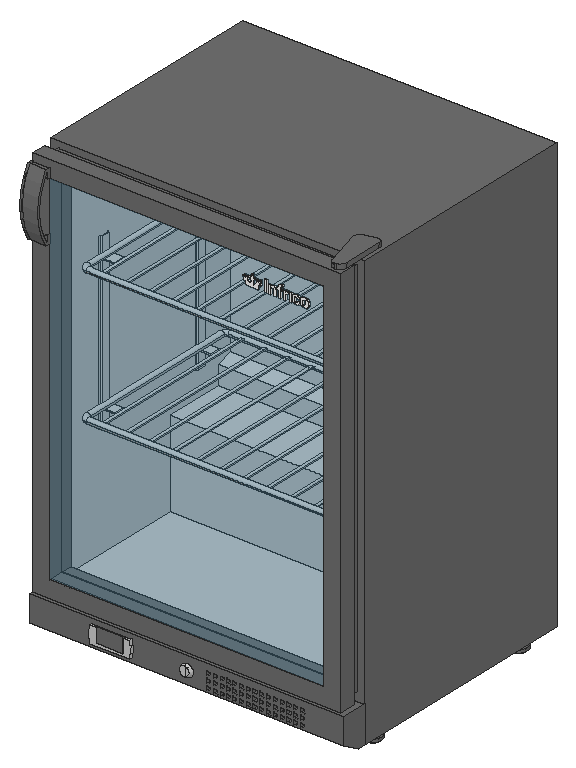
Revit family "QF_INFRICO_ERV15SH_250806105200", category Specialty Equipment, Revit 2021
Family settings
  Round Connector Dimension = Use Diameter
  Part Type = Normal
  OmniClass Number = 23.40.40.14
  OmniClass Title = Food Service Equipment
  Work Plane-Based = No
  Always vertical = Yes
  Cut with Voids When Loaded = No
  Shared = No
  Room Calculation Point = No
Parameters (values of type "ERV15SH")
  Weight [instance] = 0.00 kg
  Warranty Start Date [instance] = ""
  Warranty Duration [instance] = ""
  Volts [instance] = 230 V
  Volt Free Conn [instance] = no
  URL Recommended Spares List [instance] = ""
  URL Manufacturer [instance] = ""
  URL Cutsheet [instance] = ""
  URL Critical Spares List [instance] = ""
  URL = "www.infrico.com"
  Technical Documentation [instance] = ""
  Tag Number [instance] = ""
  Status [instance] = ""
  Start Up Current [instance] = 0 A
  Specification by User [instance] = ""
  Specification by Manufacturer [instance] = ""
  Sound Level [instance] = ""
  Show Logo [instance] = yes
  Show Clearances [instance] = yes
  Service Life Duration [instance] = ""
  Serial Number [instance] = ""
  Seismic Rating [instance] = ""
  SMACNA No [instance] = ""
  Revision Code [instance] = ""
  Revision [instance] = ""
  Production Year [instance] = ""
  Potential Equalisation [instance] = no
  Point Load [instance] = 0
  Phase [instance] = 1
  Other Equipment Approvals [instance] = ""
  Operational Current [instance] = 0 A
  Number of Poles [instance] = 2
  No Load Power Draw [instance] = no
  NAFEM Spec ID Number [instance] = ""
  Model Warning [instance] = ""
  Model = "ERV15SH"
  Min Ckt Ampacity [instance] = 0 A
  Max Overcurrent Protection [instance] = 0 A
  Masterspec [instance] = ""
  Manufacturer = "INFRICO"
  Main switch integrated [instance] = no
  Length Actual [instance] = 600 mm
  Item Number [instance] = ""
  Installed By [instance] = ""
  Installation Date [instance] = ""
  Identify Quantity as Lot [instance] = no
  ID [instance] = ""
  Hygiene Approval [instance] = ""
  Height Actual [instance] = 850 mm
  HP power [instance] = ""
  Furnished By [instance] = ""
  Foodservice Equipment Identifier [instance] = no
  FL Amps [instance] = 0 A
  Electrical Remarks [instance] = ""
  Electric power [instance] = 210 W
  Electric Connection Type [instance] = ""
  Elec Conn RI Height [instance] = 0 mm
  Elec Conn Connection Height [instance] = 0 mm
  ETL Approved [instance] = no
  Description = "BACK-BAR 850 MM HEIGHT - ONE DOOR - R290"
  Depth Actual [instance] = 510 mm
  Default Elevation = 0 mm
  Cycle [instance] = 50 Hz
  Cost = 0
  Connection to energy optimisation system [instance] = yes
  Conn Plug [instance] = ""
  Conn Conduit [instance] = no
  Centralized building control system with digital interface [instance] = ""
  CSI MasterFormat [instance] = ""
  CE Approved [instance] = no
  Barcode [instance] = 0
  Author [instance] = ""
  Asset Identifier [instance] = ""
  Apparent Power [instance] = 210 VA
  Accessory [instance] = no
Reference planes
  plane 1 "Center (Front/Back)": y = 0
  plane 2: z = 0
  plane 3 "Center (Left/Right)": x = 0
Forms (mm)
  Extrusion 1, solid, not visible
    sketch origin (308.015, -2, 35.002) x (1, 0, 0) y (0, 1, 0)
      loop
        line (-2, 2) -> (-2, -2) -> (2, -2) -> (2, 2) -> (-2, 2)
    from -2 to 2
Dimensions and locks
  locked: Extrusion 1 to nested 2
  locked: nested 2 to Extrusion 1 at 2
  aligned and locked: level to plane 2
Nested families
  nested 1: "QF_INFRICO_ERV15SH_2920" at (0, 0, 0), type "ERV15SH"
    with Weight 0.00 kg, Warranty Start Date "", Warranty Duration "", URL Cutsheet "", Technical Documentation "", Tag Number "", Status "", Specification by User "", Specification by Manufacturer "", Sound Level "", Solid Fuel Type "", Show Logo yes, Show Clearances yes, Show Clearance yes, Service Life Duration "", Serial Number "", Seismic Rating "", SMACNA No "", Revision Code "", Revision "", Production Year "", Point Load 0, Other Equipment Approvals "", NAFEM Spec ID Number "", Model Warning "", Masterspec "", Length Actual 600 mm, Item Number "", Installed By "", Installation Date "", Identify Quantity as Lot yes, ID "", Hygiene Approval "", Height Actual 850 mm, Furnished By "", Foodservice Equipment Identifier yes, ETL Approved yes, Depth Actual 510 mm, CSI MasterFormat "", CE Approved no, Barcode "", Author "", Asset Identifier "", Accessory no
  nested 2: "CONN_POINT_ELE_2D___Generic_Annotation" at (308.015, 0, 35.002), type "CONN_POINT_ELE_2D___Generic_Annotation"
    with Onboard connection annotation symbol visibility yes
Connectors
  electrical at (308.015, 0, 35.002), driven by "Apparent Power", driven by "Number of Poles", driven by "Volts"
    settings: on Extrusion 1, index 1, voltage 230 V, apparent load 0 VA, apparent load phase1 210 VA, apparent load phase2 0 VA, apparent load phase3 0 VA, power factor 1, load classification "Other", number of poles 2, system type 31, power factor state 1, is connector primary yes, connector utility no, sub classification motor no, connector description "Electrical connection for ERV15SH"
Definition of nested family "QF_INFRICO_ERV15SH_2920"
  Parameters (values of type "ERV15SH")
    Weight [instance] = 0.00 kg
    Warranty Start Date [instance] = ""
    Warranty Duration [instance] = ""
    URL Cutsheet [instance] = ""
    URL = "www.infrico.com"
    Technical Documentation [instance] = ""
    Tag Number [instance] = ""
    Status [instance] = ""
    Specification by User [instance] = ""
    Specification by Manufacturer [instance] = ""
    Sound Level [instance] = ""
    Solid Fuel Type [instance] = ""
    Show Logo [instance] = yes
    Show Clearances [instance] = yes
    Show Clearance [instance] = yes
    Service Life Duration [instance] = ""
    Serial Number [instance] = ""
    Seismic Rating [instance] = ""
    SMACNA No [instance] = ""
    Revision Code [instance] = ""
    Revision [instance] = ""
    Production Year [instance] = ""
    Point Load [instance] = 0
    Other Equipment Approvals [instance] = ""
    NAFEM Spec ID Number [instance] = ""
    Model Warning [instance] = ""
    Model = "ERV15SH"
    Masterspec [instance] = ""
    Manufacturer = "INFRICO"
    Length Actual [instance] = 0 mm
    Item Number [instance] = ""
    Installed By [instance] = ""
    Installation Date [instance] = ""
    Identify Quantity as Lot [instance] = yes
    ID [instance] = ""
    Hygiene Approval [instance] = ""
    Height Actual [instance] = 0 mm
    Furnished By [instance] = ""
    Foodservice Equipment Identifier [instance] = yes
    ETL Approved [instance] = yes
    Description = "BACK-BAR 850 MM HEIGHT - ONE DOOR - R290"
    Depth Actual [instance] = 0 mm
    Default Elevation = 0 mm
    CSI MasterFormat [instance] = ""
    CE Approved [instance] = yes
    Barcode [instance] = ""
    Author [instance] = ""
    Asset Identifier [instance] = ""
    Assembly Code = "E1090320"
    Accessory [instance] = yes
  Reference planes
    plane 1 "Back": y = 0
    plane 2: z = 0
    plane 3 "Left": x = 0
    plane 4 "Right": x = 600
    plane 5 "Front": y = -510
    plane 6 "Top": z = 850
  Forms (mm)
    Extrusion 1, solid
      sketch origin (0, 0, -18) x (0, 1, 0) y (0, 0, 1)
        loop
          line (0, 860) -> (-460, 860) -> (-460, 30) -> (0, 30) -> (0, 860)
      from 0 to 30
    Extrusion 2, solid
      sketch origin (570, 0, -18) x (0, 1, 0) y (0, 0, 1)
        loop
          line (0, 860) -> (-460, 860) -> (-460, 30) -> (0, 30) -> (0, 860)
      from 0 to 30
    Extrusion 3, solid
      sketch origin (0, 0, -13) x (1, 0, 0) y (0, 0, 1)
        loop
          line (30, 843) -> (30, 254) -> (570, 254) -> (570, 843) -> (30, 843)
      from 0 to 12
    Extrusion 4, solid
      sketch origin (0, 0, -13) x (1, 0, 0) y (0, 0, 1)
        loop
          line (30, 254) -> (30, 25) -> (570, 25) -> (570, 254) -> (30, 254)
      from 0 to 12
    Extrusion 5, solid
      sketch origin (0, 0, -13) x (0, 1, 0) y (0, 0, 1)
        loop
          line (-12, 25) -> (-12, 35) -> (-460, 35) -> (-460, 25) -> (-12, 25)
      from 30 to 570
    Extrusion 6, solid
      sketch origin (0, 0, -112) x (0, 1, 0) y (0, 0, 1)
        loop
          line (-473, 124) -> (-460, 124) -> (-460, 144) -> (-510, 144) -> (-473, 124)
      from 0 to 600
    Extrusion 7, solid
      sketch origin (-856, -515, -482) x (1, 0, 0) y (0, 0, -1)
        loop
          arc (974, -555) -> (1012.5, -557) -> (1051, -555) r 371.563
          arc (1051, -555) -> (1052, -539) -> (1051, -523) r 128.5
          arc (1051, -523) -> (1012.5, -521) -> (974, -523) r 371.563
          arc (974, -523) -> (973, -539) -> (974, -555) r 128.5
      from 0 to 5
    Extrusion 8, solid
      sketch origin (-856, -515.1, -482) x (1, 0, 0) y (0, 0, -1)
        loop
          line (1038, -528.124) -> (987, -528.124) -> (987, -556.124)
          arc (987, -556.124) -> (1012.5, -557) -> (1038, -556.124) r 371.563
          line (1038, -556.124) -> (1038, -528.124)
      from 0 to 2
    Extrusion 9, solid
      sketch origin (0, -480, 0.5) x (1, 0, 0) y (0, 0, 1)
        loop
          line (5, 839.5) -> (5, 87.5) -> (595, 87.5) -> (595, 839.5) -> (5, 839.5)
        loop
          line (563, 807.5) -> (37, 807.5) -> (37, 119.5) -> (563, 119.5) -> (563, 807.5)
      from 0 to 30
    Extrusion 10, solid
      sketch origin (-1000, -460, 0.5) x (1, 0, 0) y (0, 0, 1)
        loop
          line (1015, 829.5) -> (1015, 97.5) -> (1585, 97.5) -> (1585, 829.5) -> (1015, 829.5)
        loop
          line (1037, 807.5) -> (1037, 119.5) -> (1563, 119.5) -> (1563, 807.5) -> (1037, 807.5)
      from 0 to 20
    Extrusion 11, solid, visible <- "Show Logo"
      sketch origin (-753.231, -510, 62.214) x (1, 0, 0) y (0, 0, 1)
        loop
          line (1208.799, 696.53) -> (1208.799, 719.204) -> (1204.173, 719.204) -> (1204.173, 696.53) -> (1208.799, 696.53)
        loop
          line (1214.779, 713.006) -> (1211.283, 713.006) -> (1211.283, 696.53) -> (1215.772, 696.53) -> (1215.772, 707.832)
          arc (1215.772, 707.832) -> (1217.528, 708.741) -> (1219.417, 709.324) r 11.052
          arc (1219.417, 709.324) -> (1220.929, 708.961) -> (1221.598, 707.557) r 1.806
          line (1221.598, 707.557) -> (1221.598, 696.53) -> (1226.121, 696.53) -> (1226.121, 708.689)
          arc (1226.121, 708.689) -> (1224.637, 712.075) -> (1221.141, 713.281) r 4.607
          arc (1221.141, 713.281) -> (1218.282, 712.674) -> (1215.669, 711.361) r 11.435
          line (1215.669, 711.361) -> (1215.601, 712.184)
          arc (1215.601, 712.184) -> (1215.36, 712.765) -> (1214.779, 713.006) r 0.822
        loop
          line (1238.557, 720.102) -> (1237.306, 720.102)
          arc (1237.306, 720.102) -> (1235.052, 719.926) -> (1232.881, 719.297) r 11.103
          arc (1232.881, 719.297) -> (1230.805, 717.616) -> (1230.024, 715.062) r 4.567
          line (1230.024, 715.062) -> (1230.024, 712.909) -> (1227.351, 712.703) -> (1227.351, 709.374) -> (1230.024, 709.374) -> (1230.024, 696.53) -> (1234.547, 696.53) -> (1234.547, 709.374) -> (1238.249, 709.374) -> (1238.249, 712.938) -> (1234.547, 712.938) -> (1234.547, 714.548)
          arc (1234.547, 714.548) -> (1234.956, 715.705) -> (1236.045, 716.271) r 1.67
          line (1236.045, 716.271) -> (1237.7, 716.399)
          arc (1237.7, 716.399) -> (1238.306, 716.65) -> (1238.557, 717.255) r 0.857
          line (1238.557, 717.255) -> (1238.557, 720.102)
        loop
          line (1239.479, 713.006) -> (1239.479, 696.53) -> (1243.968, 696.53) -> (1243.968, 707.352)
          arc (1243.968, 707.352) -> (1245.873, 708.631) -> (1248.077, 709.268) r 7.435
          line (1248.077, 709.268) -> (1249.241, 709.416)
          arc (1249.241, 709.416) -> (1249.643, 709.758) -> (1249.793, 710.265) r 0.928
          line (1249.793, 710.265) -> (1249.793, 712.458)
          arc (1249.793, 712.458) -> (1249.531, 713.061) -> (1248.912, 713.28) r 0.824
          arc (1248.912, 713.28) -> (1246.197, 712.588) -> (1243.899, 710.984) r 7.833
          line (1243.899, 710.984) -> (1243.726, 713.006) -> (1239.479, 713.006)
        loop
          line (1255.495, 696.53) -> (1255.495, 713.006) -> (1251.006, 713.006) -> (1251.006, 696.53) -> (1255.495, 696.53)
        loop
          arc (1257.421, 701.327) -> (1258.567, 698.188) -> (1261.466, 696.525) r 4.873
          arc (1261.466, 696.525) -> (1264.493, 696.266) -> (1267.521, 696.525) r 17.816
          arc (1267.521, 696.525) -> (1270.575, 699.134) -> (1271.505, 703.041) r 6.481
          line (1271.505, 703.041) -> (1267.187, 703.041) -> (1267.187, 701.67)
          arc (1267.187, 701.67) -> (1266.64, 700.452) -> (1265.442, 699.865) r 1.965
          arc (1265.442, 699.865) -> (1264.547, 699.816) -> (1263.653, 699.865) r 8.196
          arc (1263.653, 699.865) -> (1262.417, 700.415) -> (1261.91, 701.67) r 1.806
          line (1261.91, 701.67) -> (1261.91, 707.9)
          arc (1261.91, 707.9) -> (1262.417, 709.155) -> (1263.653, 709.705) r 1.806
          arc (1263.653, 709.705) -> (1264.547, 709.754) -> (1265.442, 709.705) r 8.196
          arc (1265.442, 709.705) -> (1266.64, 709.118) -> (1267.187, 707.9) r 1.965
          line (1267.187, 707.9) -> (1267.187, 706.838) -> (1271.505, 706.838)
          arc (1271.505, 706.838) -> (1270.524, 710.556) -> (1267.521, 712.959) r 6.132
          arc (1267.521, 712.959) -> (1264.493, 713.294) -> (1261.466, 712.959) r 13.851
          arc (1261.466, 712.959) -> (1258.571, 711.349) -> (1257.421, 708.243) r 4.772
          line (1257.421, 708.243) -> (1257.421, 701.327)
        loop
          arc (1272.916, 701.329) -> (1273.993, 698.345) -> (1276.726, 696.734) r 4.676
          arc (1276.726, 696.734) -> (1278.515, 696.455) -> (1280.318, 696.291) r 28.371
          arc (1280.318, 696.291) -> (1282.122, 696.455) -> (1283.911, 696.734) r 28.371
          arc (1283.911, 696.734) -> (1286.644, 698.345) -> (1287.72, 701.329) r 4.676
          line (1287.72, 701.329) -> (1287.72, 708.242)
          arc (1287.72, 708.242) -> (1286.644, 711.226) -> (1283.911, 712.837) r 4.676
          arc (1283.911, 712.837) -> (1282.122, 713.116) -> (1280.318, 713.28) r 28.371
          arc (1280.318, 713.28) -> (1278.515, 713.116) -> (1276.726, 712.837) r 28.371
          arc (1276.726, 712.837) -> (1273.993, 711.226) -> (1272.916, 708.242) r 4.676
          line (1272.916, 708.242) -> (1272.916, 701.329)
        loop
          line (1277.405, 707.866) -> (1277.405, 701.705)
          arc (1277.405, 701.705) -> (1277.844, 700.556) -> (1278.936, 699.991) r 1.725
          arc (1278.936, 699.991) -> (1279.627, 699.918) -> (1280.318, 699.856) r 46.133
          arc (1280.318, 699.856) -> (1281.01, 699.918) -> (1281.701, 699.991) r 46.133
          arc (1281.701, 699.991) -> (1282.793, 700.556) -> (1283.231, 701.705) r 1.725
          line (1283.231, 701.705) -> (1283.231, 707.866)
          arc (1283.231, 707.866) -> (1282.793, 709.015) -> (1281.701, 709.58) r 1.725
          arc (1281.701, 709.58) -> (1281.01, 709.653) -> (1280.318, 709.716) r 46.133
          arc (1280.318, 709.716) -> (1279.627, 709.653) -> (1278.936, 709.58) r 46.133
          arc (1278.936, 709.58) -> (1277.844, 709.015) -> (1277.405, 707.866) r 1.725
        loop
          arc (1190.339, 696.543) -> (1191.411, 696.987) -> (1191.856, 698.059) r 1.516
          line (1191.856, 698.059) -> (1191.856, 703.891) -> (1196.035, 703.891)
          arc (1196.035, 703.891) -> (1196.79, 704.121) -> (1197.218, 704.782) r 1.147
          line (1197.218, 704.782) -> (1197.218, 706.211)
          arc (1197.218, 706.211) -> (1196.787, 707.258) -> (1195.719, 707.634) r 1.385
          line (1195.719, 707.634) -> (1194.52, 707.634) -> (1197.218, 710.332)
          arc (1197.218, 710.332) -> (1197.605, 711.266) -> (1197.218, 712.2) r 1.321
          line (1197.218, 712.2) -> (1196.495, 712.923)
          arc (1196.495, 712.923) -> (1195.54, 713.338) -> (1194.558, 712.991) r 1.422
          line (1194.558, 712.991) -> (1191.853, 710.286) -> (1191.853, 711.479)
          arc (1191.853, 711.479) -> (1191.443, 712.516) -> (1190.435, 712.992) r 1.516
          line (1190.435, 712.992) -> (1189.514, 712.992)
          arc (1189.514, 712.992) -> (1188.511, 712.514) -> (1188.103, 711.479) r 1.516
          line (1188.103, 711.479) -> (1188.103, 706.83) -> (1182.073, 701.336) -> (1182.073, 707.509) -> (1185.639, 711.075)
          arc (1185.639, 711.075) -> (1186.053, 712.073) -> (1185.639, 713.071) r 1.412
          line (1185.639, 713.071) -> (1184.987, 713.723)
          arc (1184.987, 713.723) -> (1183.939, 714.141) -> (1182.915, 713.667) r 1.428
          line (1182.915, 713.667) -> (1182.073, 712.825) -> (1182.073, 717.784)
          arc (1182.073, 717.784) -> (1181.658, 718.787) -> (1180.655, 719.203) r 1.418
          line (1180.655, 719.203) -> (1179.726, 719.203)
          arc (1179.726, 719.203) -> (1178.723, 718.787) -> (1178.308, 717.784) r 1.418
          line (1178.308, 717.784) -> (1178.308, 712.825) -> (1177.466, 713.667)
          arc (1177.466, 713.667) -> (1176.442, 714.141) -> (1175.394, 713.723) r 1.428
          line (1175.394, 713.723) -> (1174.742, 713.071)
          arc (1174.742, 713.071) -> (1174.328, 712.073) -> (1174.742, 711.075) r 1.412
          line (1174.742, 711.075) -> (1178.308, 707.509) -> (1178.308, 701.336) -> (1172.278, 706.83) -> (1172.278, 711.479)
          arc (1172.278, 711.479) -> (1171.87, 712.514) -> (1170.867, 712.992) r 1.516
          line (1170.867, 712.992) -> (1169.946, 712.992)
          arc (1169.946, 712.992) -> (1168.938, 712.516) -> (1168.528, 711.479) r 1.516
          line (1168.528, 711.479) -> (1168.528, 710.286) -> (1165.823, 712.991)
          arc (1165.823, 712.991) -> (1164.841, 713.338) -> (1163.886, 712.923) r 1.422
          line (1163.886, 712.923) -> (1163.163, 712.2)
          arc (1163.163, 712.2) -> (1162.776, 711.266) -> (1163.163, 710.332) r 1.321
          line (1163.163, 710.332) -> (1165.861, 707.634) -> (1164.662, 707.634)
          arc (1164.662, 707.634) -> (1163.594, 707.258) -> (1163.163, 706.211) r 1.385
          line (1163.163, 706.211) -> (1163.163, 704.782)
          arc (1163.163, 704.782) -> (1163.591, 704.121) -> (1164.346, 703.891) r 1.147
          line (1164.346, 703.891) -> (1168.525, 703.891) -> (1168.525, 698.059)
          arc (1168.525, 698.059) -> (1168.969, 696.987) -> (1170.042, 696.543) r 1.516
          line (1170.042, 696.543) -> (1190.339, 696.543)
      from 0 to 2
    Extrusion 12, solid
      sketch origin (-1000, -510, -71.5) x (1, 0, 0) y (0, 0, 1)
        loop
          line (1005, 897.5) -> (1005, 895.5) -> (1037, 880.5) -> (1037, 897.5) -> (1005, 897.5)
      from 0 to 3
    Extrusion 13, solid
      sketch origin (-1000, -510, 1593.5) x (1, 0, 0) y (0, 0, 1)
        loop
          line (1005, -897.5) -> (1037, -897.5) -> (1037, -880.5) -> (1005, -895.5) -> (1005, -897.5)
      from 0 to 3
    Extrusion 14, solid
      sketch origin (-1000, 0, -21.5) x (0, 1, 0) y (0, 0, 1)
        loop
          line (-513, 845.5) -> (-513, 847.5) -> (-518.104, 847.5)
          arc (-518.104, 847.5) -> (-537.038, 782.5) -> (-518.104, 717.5) r 121.038
          line (-518.104, 717.5) -> (-513, 717.5) -> (-513, 719.5) -> (-517, 719.5)
          arc (-517, 719.5) -> (-535.038, 782.5) -> (-517, 845.5) r 119.038
          line (-517, 845.5) -> (-513, 845.5)
      from 1005 to 1037
    Extrusion 15, solid
      sketch origin (-1000, 0, 576) x (1, 0, 0) y (0, 1, 0)
        loop
          line (1005, -513) -> (1005, -487) -> (1002, -490) -> (1002, -513) -> (1005, -513)
      from 120 to 250
    Extrusion 16, solid
      sketch origin (-1000, 0, -21.5) x (0, 1, 0) y (0, 0, 1)
        loop
          line (-513, 847.5) -> (-518.104, 847.5)
          arc (-518.104, 847.5) -> (-537.038, 782.5) -> (-518.104, 717.5) r 121.038
          line (-518.104, 717.5) -> (-513, 717.5) -> (-513, 847.5)
      from 1002 to 1005
    Revolve 17, solid
      sketch origin (15, -70, 0) x (0, 1, 0) y (0, 0, 1)
        loop
          line (0, 0) -> (0, 12) -> (-5, 12) -> (-5, 9.5) -> (-13, 9.5)
          arc (-13, 9.5) -> (-14.414, 8.914) -> (-15, 7.5) r 2
          line (-15, 7.5) -> (-15, 2.5) -> (-12, 2.5) -> (-12, 0) -> (0, 0)
        axis (0, 0) -> (0, 12)
      angle from 0 to 360
    Revolve 18, solid
      sketch origin (15, -420, 0) x (0, 1, 0) y (0, 0, 1)
        loop
          line (0, 0) -> (0, 12) -> (-5, 12) -> (-5, 9.5) -> (-13, 9.5)
          arc (-13, 9.5) -> (-14.414, 8.914) -> (-15, 7.5) r 2
          line (-15, 7.5) -> (-15, 2.5) -> (-12, 2.5) -> (-12, 0) -> (0, 0)
        axis (0, 0) -> (0, 12)
      angle from 0 to 360
    Revolve 19, solid
      sketch origin (585, -70, 0) x (0, 1, 0) y (0, 0, 1)
        loop
          line (0, 0) -> (0, 12) -> (-5, 12) -> (-5, 9.5) -> (-13, 9.5)
          arc (-13, 9.5) -> (-14.414, 8.914) -> (-15, 7.5) r 2
          line (-15, 7.5) -> (-15, 2.5) -> (-12, 2.5) -> (-12, 0) -> (0, 0)
        axis (0, 0) -> (0, 12)
      angle from 0 to 360
    Revolve 20, solid
      sketch origin (585, -420, 0) x (0, 1, 0) y (0, 0, 1)
        loop
          line (0, 0) -> (0, 12) -> (-5, 12) -> (-5, 9.5) -> (-13, 9.5)
          arc (-13, 9.5) -> (-14.414, 8.914) -> (-15, 7.5) r 2
          line (-15, 7.5) -> (-15, 2.5) -> (-12, 2.5) -> (-12, 0) -> (0, 0)
        axis (0, 0) -> (0, 12)
      angle from 0 to 360
    Revolve 21, solid
      sketch origin (300, 0, 13.5) x (0, 1, 0) y (0, 0, 1)
        loop
          line (-515, 34.5) -> (-510, 32) -> (-510, 43.5) -> (-515, 43.5) -> (-515, 34.5)
        axis (-510, 43.5) -> (-515, 43.5)
      angle from 0 to 360
    Extrusion 22, solid
      sketch origin (0, 0, -805) x (0, 1, 0) y (0, 0, 1)
        loop
          line (-458, 911) -> (-458, 899) -> (-204, 899) -> (-204, 1064) -> (-89, 1064) -> (-89, 1103.543) -> (-61, 1113.543) -> (-61, 1472.547) -> (-97.202, 1554) -> (-189, 1554) -> (-189, 1628) -> (-408, 1628) -> (-408, 1610) -> (-448, 1610) -> (-448, 1598) -> (-396, 1598) -> (-396, 1616) -> (-201, 1616) -> (-201, 1542) -> (-105, 1542) -> (-73, 1470) -> (-73, 1122) -> (-101, 1112) -> (-101, 1076) -> (-216, 1076) -> (-216, 911) -> (-458, 911)
      from 30 to 570
    Extrusion 23, solid, visible <- "Show Clearance", detail levels coarse
      sketch origin (600, 0, 13.5) x (-1, 0, 0) y (0, -1, 0)
        loop
          line (5, 510) -> (595, 510)
          arc (595, 510) -> (430.98, 905.98) -> (35, 1070) r 560
          line (35, 1070) -> (5, 1070) -> (5, 510)
      from 84.5 to 826.5
    Extrusion 24, solid
      sketch origin (-1000, -508, 13.5) x (1, 0, 0) y (0, 0, 1)
        loop
          line (1037, 794.5) -> (1037, 106.5) -> (1563, 106.5) -> (1563, 794.5) -> (1037, 794.5)
      from 0 to 2
    Extrusion 25, solid
      sketch origin (-925.627, -156, 323) x (1, 0, 0) y (0, 1, 0)
        loop
          line (957.627, 0) -> (958.627, 0) -> (958.627, 1) -> (962.627, 3) -> (962.627, 18) -> (958.627, 20) -> (958.627, 21) -> (957.627, 21) -> (957.627, 19.382) -> (961.627, 17.382) -> (961.627, 3.618) -> (957.627, 1.618) -> (957.627, 0)
      from 0 to 330
    Extrusion 26, solid
      sketch origin (-829.627, -156, 616) x (1, 0, 0) y (0, 1, 0)
        loop
          line (862.627, 21) -> (862.627, 20) -> (866.627, 18) -> (866.627, 3) -> (862.627, 1) -> (862.627, 0) -> (892.627, 0) -> (892.627, 21) -> (862.627, 21)
      from 0 to 2
    Extrusion 27, solid
      sketch origin (-829.627, -156, 358) x (1, 0, 0) y (0, 1, 0)
        loop
          line (862.627, 21) -> (862.627, 20) -> (866.627, 18) -> (866.627, 3) -> (862.627, 1) -> (862.627, 0) -> (892.627, 0) -> (892.627, 21) -> (862.627, 21)
      from 0 to 2
    Extrusion 28, solid
      sketch origin (-925.627, -386, 323) x (1, 0, 0) y (0, 1, 0)
        loop
          line (957.627, 0) -> (958.627, 0) -> (958.627, 1) -> (962.627, 3) -> (962.627, 18) -> (958.627, 20) -> (958.627, 21) -> (957.627, 21) -> (957.627, 19.382) -> (961.627, 17.382) -> (961.627, 3.618) -> (957.627, 1.618) -> (957.627, 0)
      from 0 to 330
    Extrusion 29, solid
      sketch origin (-829.627, -386, 616) x (1, 0, 0) y (0, 1, 0)
        loop
          line (862.627, 21) -> (862.627, 20) -> (866.627, 18) -> (866.627, 3) -> (862.627, 1) -> (862.627, 0) -> (892.627, 0) -> (892.627, 21) -> (862.627, 21)
      from 0 to 2
    Extrusion 30, solid
      sketch origin (-829.627, -386, 358) x (1, 0, 0) y (0, 1, 0)
        loop
          line (862.627, 21) -> (862.627, 20) -> (866.627, 18) -> (866.627, 3) -> (862.627, 1) -> (862.627, 0) -> (892.627, 0) -> (892.627, 21) -> (862.627, 21)
      from 0 to 2
    Extrusion 31, solid
      sketch origin (1525.627, -156, 323) x (-1, 0, 0) y (0, -1, 0)
        loop
          line (957.627, 0) -> (957.627, -1.618) -> (961.627, -3.618) -> (961.627, -17.382) -> (957.627, -19.382) -> (957.627, -21) -> (958.627, -21) -> (958.627, -20) -> (962.627, -18) -> (962.627, -3) -> (958.627, -1) -> (958.627, 0) -> (957.627, 0)
      from 0 to 330
    Extrusion 32, solid
      sketch origin (1429.627, -156, 616) x (-1, 0, 0) y (0, -1, 0)
        loop
          line (862.627, -21) -> (892.627, -21) -> (892.627, 0) -> (862.627, 0) -> (862.627, -1) -> (866.627, -3) -> (866.627, -18) -> (862.627, -20) -> (862.627, -21)
      from 0 to 2
    Extrusion 33, solid
      sketch origin (1429.627, -156, 358) x (-1, 0, 0) y (0, -1, 0)
        loop
          line (862.627, -21) -> (892.627, -21) -> (892.627, 0) -> (862.627, 0) -> (862.627, -1) -> (866.627, -3) -> (866.627, -18) -> (862.627, -20) -> (862.627, -21)
      from 0 to 2
    Extrusion 34, solid
      sketch origin (1525.627, -386, 323) x (-1, 0, 0) y (0, -1, 0)
        loop
          line (957.627, 0) -> (957.627, -1.618) -> (961.627, -3.618) -> (961.627, -17.382) -> (957.627, -19.382) -> (957.627, -21) -> (958.627, -21) -> (958.627, -20) -> (962.627, -18) -> (962.627, -3) -> (958.627, -1) -> (958.627, 0) -> (957.627, 0)
      from 0 to 330
    Extrusion 35, solid
      sketch origin (1429.627, -386, 616) x (-1, 0, 0) y (0, -1, 0)
        loop
          line (862.627, -21) -> (892.627, -21) -> (892.627, 0) -> (862.627, 0) -> (862.627, -1) -> (866.627, -3) -> (866.627, -18) -> (862.627, -20) -> (862.627, -21)
      from 0 to 2
    Extrusion 36, solid
      sketch origin (1429.627, -386, 358) x (-1, 0, 0) y (0, -1, 0)
        loop
          line (862.627, -21) -> (892.627, -21) -> (892.627, 0) -> (862.627, 0) -> (862.627, -1) -> (866.627, -3) -> (866.627, -18) -> (862.627, -20) -> (862.627, -21)
      from 0 to 2
    Extrusion 37, solid
      sketch origin (0, 0, 0) x (0, 1, 0) y (0, 0, 1)
        loop
          line (-460, 106) -> (-460, 82) -> (-458, 82) -> (-458, 106) -> (-460, 106)
      from 30 to 570
    Extrusion 38, solid
      sketch origin (0, 0, 830) x (1, 0, 0) y (0, 1, 0)
        loop
          line (30, 0) -> (30, -460) -> (570, -460) -> (570, 0) -> (30, 0)
      from 0 to 12
    Extrusion 39, solid
      sketch origin (-388, 17, 842) x (1, 0, 0) y (0, 1, 0)
        loop
          line (980, -510) -> (980, -432)
          arc (980, -432) -> (976.342, -424.19) -> (968, -422) r 10.167
          line (968, -422) -> (946, -427)
          arc (946, -427) -> (938.972, -431.75) -> (937, -440) r 11.702
          line (937, -440) -> (957, -515)
          arc (957, -515) -> (961.135, -520.644) -> (968, -522) r 9.632
          line (968, -522) -> (969.932, -521.485)
          arc (969.932, -521.485) -> (976.713, -517.273) -> (980, -510) r 13.716
      from 0 to 8
    Extrusion 40, solid
      sketch origin (0, -1000, 0) x (0, 1, 0) y (0, 0, 1)
        loop
          line (540, 793) -> (540, 106) -> (784, 106) -> (784, 271) -> (899, 271) -> (899, 307) -> (927, 317) -> (927, 665) -> (895, 737) -> (799, 737) -> (799, 811) -> (604, 811) -> (604, 793) -> (540, 793)
      from 30 to 32
    Extrusion 41, solid
      sketch origin (538, -1000, 0) x (0, 1, 0) y (0, 0, 1)
        loop
          line (540, 793) -> (540, 106) -> (784, 106) -> (784, 271) -> (899, 271) -> (899, 307) -> (927, 317) -> (927, 665) -> (895, 737) -> (799, 737) -> (799, 811) -> (604, 811) -> (604, 793) -> (540, 793)
      from 30 to 32
    Sweep 42, solid
      path origin (-1000, 0, 365) x (1, 0, 0) y (0, 1, 0)
        loop
          arc (1052, -95) -> (1044.929, -97.929) -> (1042, -105) r 10
          line (1042, -105) -> (1042, -425)
          arc (1042, -425) -> (1044.929, -432.071) -> (1052, -435) r 10
          line (1052, -435) -> (1548, -435)
          arc (1548, -435) -> (1555.071, -432.071) -> (1558, -425) r 10
          line (1558, -425) -> (1558, -105)
          arc (1558, -105) -> (1555.071, -97.929) -> (1548, -95) r 10
          line (1548, -95) -> (1052, -95)
      profile origin (300, -95, 365) x (0, 1, 0) y (0, 0, 1)
        loop
          circle (0, 0) r 5
    Sweep 43, solid
      path origin (-1000, 0, 623) x (1, 0, 0) y (0, 1, 0)
        loop
          arc (1052, -95) -> (1044.929, -97.929) -> (1042, -105) r 10
          line (1042, -105) -> (1042, -425)
          arc (1042, -425) -> (1044.929, -432.071) -> (1052, -435) r 10
          line (1052, -435) -> (1548, -435)
          arc (1548, -435) -> (1555.071, -432.071) -> (1558, -425) r 10
          line (1558, -425) -> (1558, -105)
          arc (1558, -105) -> (1555.071, -97.929) -> (1548, -95) r 10
          line (1548, -95) -> (1052, -95)
      profile origin (300, -95, 623) x (0, 1, 0) y (0, 0, 1)
        loop
          circle (0, 0) r 5
    Extrusion 44, solid
      sketch origin (-1000, 0, 0) x (1, 0, 0) y (0, 0, 1)
        loop
          line (1000, 82) -> (1000, 32) -> (1600, 32) -> (1600, 82) -> (1000, 82)
        loop
          line (1388, 70) -> (1388, 62) -> (1396, 62) -> (1396, 70) -> (1388, 70)
        loop
          line (1401, 70) -> (1401, 62) -> (1409, 62) -> (1409, 70) -> (1401, 70)
        loop
          line (1414, 70) -> (1414, 62) -> (1422, 62) -> (1422, 70) -> (1414, 70)
        loop
          line (1427, 70) -> (1427, 62) -> (1435, 62) -> (1435, 70) -> (1427, 70)
        loop
          line (1440, 70) -> (1440, 62) -> (1448, 62) -> (1448, 70) -> (1440, 70)
        loop
          line (1453, 70) -> (1453, 62) -> (1461, 62) -> (1461, 70) -> (1453, 70)
        loop
          line (1466, 70) -> (1466, 62) -> (1474, 62) -> (1474, 70) -> (1466, 70)
        loop
          line (1479, 70) -> (1479, 62) -> (1487, 62) -> (1487, 70) -> (1479, 70)
        loop
          line (1492, 70) -> (1492, 62) -> (1500, 62) -> (1500, 70) -> (1492, 70)
        loop
          line (1505, 70) -> (1505, 62) -> (1513, 62) -> (1513, 70) -> (1505, 70)
        loop
          line (1518, 70) -> (1518, 62) -> (1526, 62) -> (1526, 70) -> (1518, 70)
        loop
          line (1338.062, 70) -> (1338.062, 62) -> (1346.062, 62) -> (1346.062, 70) -> (1338.062, 70)
        loop
          line (1351.062, 70) -> (1351.062, 62) -> (1359.062, 62) -> (1359.062, 70) -> (1351.062, 70)
        loop
          line (1364.062, 70) -> (1364.062, 62) -> (1372.062, 62) -> (1372.062, 70) -> (1364.062, 70)
        loop
          line (1377.062, 70) -> (1377.062, 62) -> (1385.062, 62) -> (1385.062, 70) -> (1377.062, 70)
        loop
          line (1388, 57) -> (1388, 49) -> (1396, 49) -> (1396, 57) -> (1388, 57)
        loop
          line (1401, 57) -> (1401, 49) -> (1409, 49) -> (1409, 57) -> (1401, 57)
        loop
          line (1414, 57) -> (1414, 49) -> (1422, 49) -> (1422, 57) -> (1414, 57)
        loop
          line (1427, 57) -> (1427, 49) -> (1435, 49) -> (1435, 57) -> (1427, 57)
        loop
          line (1440, 57) -> (1440, 49) -> (1448, 49) -> (1448, 57) -> (1440, 57)
        loop
          line (1453, 57) -> (1453, 49) -> (1461, 49) -> (1461, 57) -> (1453, 57)
        loop
          line (1466, 57) -> (1466, 49) -> (1474, 49) -> (1474, 57) -> (1466, 57)
        loop
          line (1479, 57) -> (1479, 49) -> (1487, 49) -> (1487, 57) -> (1479, 57)
        loop
          line (1492, 57) -> (1492, 49) -> (1500, 49) -> (1500, 57) -> (1492, 57)
        loop
          line (1505, 57) -> (1505, 49) -> (1513, 49) -> (1513, 57) -> (1505, 57)
        loop
          line (1518, 57) -> (1518, 49) -> (1526, 49) -> (1526, 57) -> (1518, 57)
        loop
          line (1338.062, 57) -> (1338.062, 49) -> (1346.062, 49) -> (1346.062, 57) -> (1338.062, 57)
        loop
          line (1351.062, 57) -> (1351.062, 49) -> (1359.062, 49) -> (1359.062, 57) -> (1351.062, 57)
        loop
          line (1364.062, 57) -> (1364.062, 49) -> (1372.062, 49) -> (1372.062, 57) -> (1364.062, 57)
        loop
          line (1377.062, 57) -> (1377.062, 49) -> (1385.062, 49) -> (1385.062, 57) -> (1377.062, 57)
        loop
          line (1388, 44) -> (1388, 36) -> (1396, 36) -> (1396, 44) -> (1388, 44)
        loop
          line (1401, 44) -> (1401, 36) -> (1409, 36) -> (1409, 44) -> (1401, 44)
        loop
          line (1414, 44) -> (1414, 36) -> (1422, 36) -> (1422, 44) -> (1414, 44)
        loop
          line (1427, 44) -> (1427, 36) -> (1435, 36) -> (1435, 44) -> (1427, 44)
        loop
          line (1440, 44) -> (1440, 36) -> (1448, 36) -> (1448, 44) -> (1440, 44)
        loop
          line (1453, 44) -> (1453, 36) -> (1461, 36) -> (1461, 44) -> (1453, 44)
        loop
          line (1466, 44) -> (1466, 36) -> (1474, 36) -> (1474, 44) -> (1466, 44)
        loop
          line (1479, 44) -> (1479, 36) -> (1487, 36) -> (1487, 44) -> (1479, 44)
        loop
          line (1492, 44) -> (1492, 36) -> (1500, 36) -> (1500, 44) -> (1492, 44)
        loop
          line (1505, 44) -> (1505, 36) -> (1513, 36) -> (1513, 44) -> (1505, 44)
        loop
          line (1518, 44) -> (1518, 36) -> (1526, 36) -> (1526, 44) -> (1518, 44)
        loop
          line (1338.062, 44) -> (1338.062, 36) -> (1346.062, 36) -> (1346.062, 44) -> (1338.062, 44)
        loop
          line (1351.062, 44) -> (1351.062, 36) -> (1359.062, 36) -> (1359.062, 44) -> (1351.062, 44)
        loop
          line (1364.062, 44) -> (1364.062, 36) -> (1372.062, 36) -> (1372.062, 44) -> (1364.062, 44)
        loop
          line (1377.062, 44) -> (1377.062, 36) -> (1385.062, 36) -> (1385.062, 44) -> (1377.062, 44)
      from 460 to 510
    Extrusion 45, solid
      sketch origin (-1000, 5, -1068) x (1, 0, 0) y (0, 0, 1)
        loop
          circle (1345, 1433) r 2.5
        loop
          circle (1390, 1433) r 2.5
        loop
          circle (1435, 1433) r 2.5
        loop
          circle (1480, 1433) r 2.5
        loop
          circle (1525, 1433) r 2.5
        loop
          circle (1075, 1433) r 2.5
        loop
          circle (1120, 1433) r 2.5
        loop
          circle (1165, 1433) r 2.5
        loop
          circle (1210, 1433) r 2.5
        loop
          circle (1255, 1433) r 2.5
        loop
          circle (1300, 1433) r 2.5
      from 100 to 440
    Extrusion 46, solid
      sketch origin (30, 0, -8) x (0, 1, 0) y (0, 0, 1)
        loop
          line (-460, 838) -> (-460, 801) -> (-448, 801) -> (-448, 838) -> (-460, 838)
      from 0 to 540
    Extrusion 47, solid
      sketch origin (-1000, 5, -810) x (1, 0, 0) y (0, 0, 1)
        loop
          circle (1345, 1433) r 2.5
        loop
          circle (1390, 1433) r 2.5
        loop
          circle (1435, 1433) r 2.5
        loop
          circle (1480, 1433) r 2.5
        loop
          circle (1525, 1433) r 2.5
        loop
          circle (1075, 1433) r 2.5
        loop
          circle (1120, 1433) r 2.5
        loop
          circle (1165, 1433) r 2.5
        loop
          circle (1210, 1433) r 2.5
        loop
          circle (1255, 1433) r 2.5
        loop
          circle (1300, 1433) r 2.5
      from 100 to 440
  Cuts and joins
    joined: Extrusion 12, Extrusion 13, Extrusion 14, Extrusion 15, Extrusion 16
    joined: Extrusion 1, Extrusion 2, Extrusion 3, Extrusion 4, Extrusion 37, Extrusion 38, Extrusion 46
    joined: Extrusion 6, Extrusion 44
  Lines and regions (mm)
    symbolic lines
      curve 1: line (0, 0, 0) -> (600, 0, 0)
      curve 2: line (0, -510, 0) -> (0, 0, 0)
      curve 3: line (600, -510, 0) -> (0, -510, 0)
      curve 4: line (600, 0, 0) -> (600, -510, 0)
    symbolic lines, visible <- "Show Clearance"
      curve 5: line (565, -1070, 0) -> (595, -1070, 0)
      curve 6: line (595, -1070, 0) -> (595, -510, 0)
      curve 7: arc (5, -510, 0) -> (169.02, -905.98, 0) -> (565, -1070, 0) r 560
  Dimensions and locks
    plane 1 "Back" to plane 5 "Front" = 510 mm  (x2)
    plane 3 "Left" to plane 4 "Right" = 600 mm
    plane 6 "Top" to level = 850 mm  (x2)
    plane 4 "Right" to plane 3 "Left" = 600 mm
    aligned and locked: level to plane 2
Definition of nested family "CONN_POINT_ELE_2D___Generic_Annotation"
  Parameters (values of type "CONN_POINT_ELE_2D___Generic_Annotation")
    Onboard connection annotation symbol visibility [instance] = yes
  Reference planes
    plane 1: y = 0
    plane 2: x = 0
  Lines and regions (mm)
    detail lines, visible <- "Onboard connection annotation symbol visibility"
      curve 1: circle (0, 0, 0) r 0.5 normal (0, 0, 1)
      curve 2: line (-1, 0, 0) -> (1, 0, 0)
      curve 3: line (0, 1, 0) -> (0, -1, 0)
      curve 4: line (2.5, 1, 0) -> (1.25, 1, 0)
      curve 5: line (1.25, 1, 0) -> (1.25, -1, 0)
      curve 6: line (1.25, -1, 0) -> (2.5, -1, 0)
      curve 7: line (1.25, 0, 0) -> (2, 0, 0)
